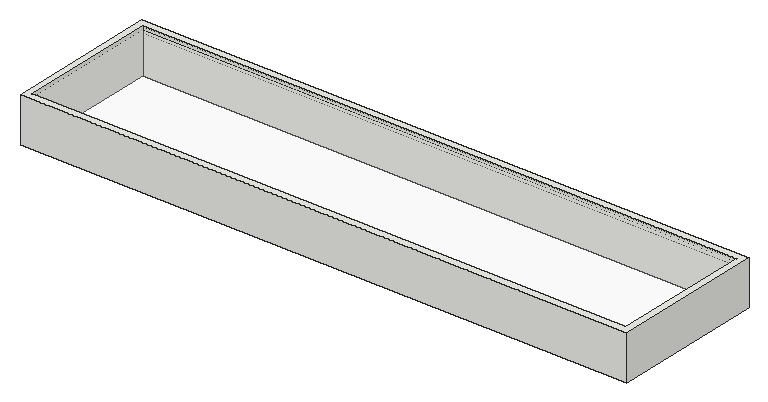
Revit family "M_層板燈 - 線性方形", category Lighting Fixtures, host Face, Revit 2017
Family settings
  Host = Face
  Round Connector Dimension = Use Diameter
  Part Type = Normal
  OmniClass Number = 23.80.70.11.11
  OmniClass Title = General Luminaries, Non Directional
  Cut with Voids When Loaded = No
  Light Source = Yes
  Shared = No
  Room Calculation Point = No
Parameters (values of type "0300x1200mm (1 燈) - 120V")
  寬度 1 = 方塊寬度 / 2  # 150 mm
  Wattage = 40 W
  built-in parameter 1150110 = 1 (stored number, unit not read)
  built-in parameter 1114217 = 0.88 (stored number, unit not read)
  built-in parameter 1150109 = 1 (stored number, unit not read)
  built-in parameter 1150134 = 8
  built-in parameter 1150113 = 1 (stored number, unit not read)
  Tilt Angle = -90.00°
  Photometric Web File = "1x41T12.ies"
  Lumens = 3150 lm
  built-in parameter 1150115 = 1 (stored number, unit not read)
  built-in parameter 1150105 = 250.67 (stored number, unit not read)
  負載分類 = 照明 - 住宅單元
  built-in parameter 1150137 = 1
  built-in parameter 1150139 = (empty or 0)
  長度1 = 箱長度 / 2  # 600 mm
  燈箱材料 = 鋼，油漆塗層，象牙白，亮面
  built-in parameter 1150112 = 1 (stored number, unit not read)
  built-in parameter 1150114 = 1 (stored number, unit not read)
  Lamp = "T-12"
  built-in parameter 1150132 = (empty or 0)
  built-in parameter 1150102 = (empty or 0)
  built-in parameter 1150138 = (empty or 0)
  built-in parameter 1150107 = 4230 (stored number, unit not read)
  built-in parameter 1150106 = 2.5067 (stored number, unit not read)
  Emit from Rectangle Width = 方塊寬度 - 26 mm  # 274 mm
  Emit from Rectangle Length = 箱長度 - 26 mm  # 1174 mm
  Emit Shape Visible in Rendering = no
  built-in parameter 1150104 = 7.3161 (stored number, unit not read)
  Dimming Lamp Color Temperature Shift = <None>
  分佈口材料 = 玻璃，白色，高亮度
  Default Elevation = 1200 mm
  Color Filter = 16777215
  built-in parameter 1140040 [instance] = 1
  方塊寬度 = 300 mm
  箱長度 = 1200 mm
  穩壓器電壓 = 120 V
  穩壓器極數 = 1
  built-in parameter 1114218 = 0.88 (stored number, unit not read)
  built-in parameter 1150133 = 10 (stored number, unit not read)
  Assembly Code = "D5020210"
  Apparent Load = 40 VA
Types (8, lengths in mm): name | 寬度 1 | Wattage | Photometric Web File | Lumens | built-in parameter 1150105 | 長度1 | built-in parameter 1150106 | Emit from Rectangle Width | Emit from Rectangle Length | built-in parameter 1150104 | 方塊寬度 | 箱長度 | 穩壓器電壓 | Apparent Load
  0300x1200mm (1 燈) - 120V | 150 | 40 W | "1x41T12.ies" | 3150 lm | 250.67 (stored number, unit not read) | 600 | 2.5067 (stored number, unit not read) | 274 | 1174 | 7.3161 (stored number, unit not read) | 300 | 1200 | 120 V | 40 VA
  0300x1200mm (1 燈) - 277V | 150 | 40 W | "1x41T12.ies" | 3150 lm | 250.67 (stored number, unit not read) | 600 | 2.5067 (stored number, unit not read) | 274 | 1174 | 7.3161 (stored number, unit not read) | 300 | 1200 | 277 V | 40 VA
  0300x1200mm (2 燈) - 120V | 150 | 80 W | "1x42A12.ies" | 6300 lm | 501.34 (stored number, unit not read) | 600 | 5.0134 (stored number, unit not read) | 274 | 1174 | 7.3161 (stored number, unit not read) | 300 | 1200 | 120 V | 80 VA
  0300x1200mm (2 燈) - 277V | 150 | 80 W | "1x42A12.ies" | 6300 lm | 501.34 (stored number, unit not read) | 600 | 5.0134 (stored number, unit not read) | 274 | 1174 | 7.3161 (stored number, unit not read) | 300 | 1200 | 277 V | 80 VA
  0600x0600mm (2 燈) - 120V | 300 | 40 W | "2x22T12.ies" | 2600 lm | 206.9 (stored number, unit not read) | 300 | 2.069 (stored number, unit not read) | 574 | 574 | 6.0387 (stored number, unit not read) | 600 | 600 | 120 V | 40 VA
  0600x0600mm (2 燈) - 277V | 300 | 40 W | "2x22T12.ies" | 2600 lm | 206.9 (stored number, unit not read) | 300 | 2.069 (stored number, unit not read) | 574 | 574 | 6.0387 (stored number, unit not read) | 600 | 600 | 277 V | 40 VA
  0600x1200mm (2 燈) - 120V | 300 | 80 W | "2x42T12.ies" | 5200 lm | 413.8 (stored number, unit not read) | 600 | 4.138 (stored number, unit not read) | 574 | 1174 | 6.0387 (stored number, unit not read) | 600 | 1200 | 120 V | 80 VA
  0600x1200mm (2 燈) - 277V | 300 | 80 W | "2x42T12.ies" | 5200 lm | 413.8 (stored number, unit not read) | 600 | 4.138 (stored number, unit not read) | 574 | 1174 | 6.0387 (stored number, unit not read) | 600 | 1200 | 277 V | 80 VA
Reference planes
  plane 1 "中心 (前/後)": y = 0
  plane 2: z = 0
  plane 3 "中心 (左/右)": x = 0
  plane 4: y = -300
  plane 5: x = -600
  plane 6: x = 600
  plane 7: x = -587.3
  plane 8: y = -287.3
  plane 9: x = 587.3
  plane 10: y = -12.7
  plane 11: z = 88.9
  plane 12: z = 82.55
  plane 13: z = 76.2
  plane 14: y = -150
  plane 15: z = 50.8
Forms (mm)
  Extrusion 1, solid, material "鋼，油漆塗層，象牙白，亮面" <- "燈箱材料"
    sketch origin (0, 0, 0) x (1, 0, 0) y (0, 1, 0)
      loop
        line (-600, 0) -> (-600, -300) -> (600, -300) -> (600, 0) -> (-600, 0)
      loop
        line (-587.3, -12.7) -> (-587.3, -287.3) -> (587.3, -287.3) -> (587.3, -12.7) -> (-587.3, -12.7)
    from 0 to 88.9
  Extrusion 2, solid, material "玻璃，白色，高亮度" <- "分佈口材料"
    sketch origin (0, 0, 0) x (1, 0, 0) y (0, 1, 0)
      loop
        line (-587.3, -12.7) -> (-587.3, -287.3) -> (587.3, -287.3) -> (587.3, -12.7) -> (-587.3, -12.7)
    from 76.2 to 82.55
Dimensions and locks
  "方塊寬度": plane 4 to plane 1 "中心 (前/後)"
  "箱長度": plane 5 to plane 6
  "長度1": plane 5 to plane 3 "中心 (左/右)"
  locked: plane 5 to plane 7 at 12.7
  locked: plane 10 to plane 1 "中心 (前/後)" at 12.7
  locked: plane 8 to plane 4 at 12.7
  locked: plane 9 to plane 6 at 12.7
  locked: plane 11 to plane 2 at 88.9
  locked: plane 11 to plane 12 at 6.35
  locked: plane 12 to plane 13 at 6.35
  "寬度 1": plane 14 to plane 1 "中心 (前/後)"
  locked: plane 15 to plane 2 at 50.8
  aligned and locked: plane 2 to host face
  aligned and locked: level to host face
  aligned and locked: Extrusion 1 to plane 5  (x2)
  aligned and locked: plane 6 to Extrusion 1  (x2)
  aligned and locked: plane 11 to Extrusion 1
  aligned and locked: Extrusion 1 to plane 2
  aligned and locked: Extrusion 1 to plane 1 "中心 (前/後)"
  aligned and locked: Extrusion 1 to plane 10
  aligned and locked: plane 7 to Extrusion 1
  aligned and locked: plane 8 to Extrusion 1
  aligned and locked: Extrusion 1 to plane 4
  aligned and locked: Extrusion 1 to plane 9
  aligned and locked: Extrusion 2 to plane 13
  aligned and locked: Extrusion 2 to plane 12
  aligned and locked: plane 10 to Extrusion 2
  aligned and locked: Extrusion 2 to plane 7
  aligned and locked: Extrusion 2 to plane 8
  aligned and locked: plane 9 to Extrusion 2
  aligned and locked: plane 14 to imposter light
  aligned and locked: plane 15 to imposter light
  aligned and locked: plane 3 "中心 (左/右)" to imposter light
Automatic sketch dimensions
  host sketch curve to host sketch curve = 2438.4 mm  (x2)
  Extrusion 1 sketch curve to plane 4 = 0 mm
  Extrusion 1 sketch curve to plane 5 = 0 mm
  Extrusion 1 sketch curve to plane 7 = 0 mm
  Extrusion 1 sketch curve to plane 9 = 0 mm
  Extrusion 1 sketch curve to plane 1 "中心 (前/後)" = 0 mm
  Extrusion 1 sketch curve to plane 6 = 0 mm
  Extrusion 1 sketch curve to plane 8 = 0 mm
  Extrusion 1 sketch curve to plane 10 = 0 mm
  Extrusion 2 sketch curve to plane 7 = 0 mm
  Extrusion 2 sketch curve to plane 8 = 0 mm
  Extrusion 2 sketch curve to plane 9 = 0 mm
  Extrusion 2 sketch curve to plane 10 = 0 mm
Connectors
  electrical at (0, -150, 82.55), driven by "穩壓器電壓", driven by "Apparent Load", driven by "穩壓器極數", driven by "負載分類"
    settings: on Extrusion 2, index 1, voltage 120 V, apparent load 0 VA, apparent load phase1 40 VA, apparent load phase2 0 VA, apparent load phase3 0 VA, power factor 0.95, load classification "照明 - 住宅單元", number of poles 1, system type 31, power factor state 1, is connector primary yes, connector utility no, sub classification motor no, connector description ""
